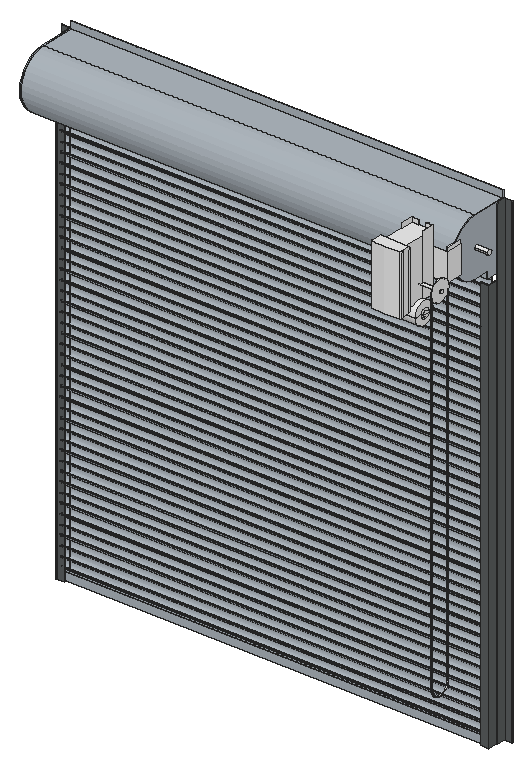
Revit family "Doors_Industrial_Wayne-Dalton_Rolling-Service-Doors-Model-800_", category Specialty Equipment, host Wall, Revit 2019 (continued)
Definition of nested family "800"
  Forms (in)
    Extrusion 2, solid, material <- "Panel Material", visible <- "#4"
      sketch origin (0, -4.82043, 13.73777) x (0, 1, 0) y (0, 0, 1)
        loop
          line (5.41686, -5.67639) -> (5.41686, -5.45777)
          arc (5.41686, -5.45777) -> (5.39015, -5.35234) -> (5.31648, -5.27235) r 0.22143
          line (5.31648, -5.27235) -> (5.07719, -5.15088)
          arc (5.07719, -5.15088) -> (5.04831, -5.10093) -> (5.08227, -5.05428) r 0.0529
          spline (5.08227, -5.05428) -> (5.31122, -4.97629) -> (5.50077, -4.83858) -> (5.65049, -4.65304) -> (5.75994, -4.43155) -> (5.82891, -4.18617) -> (5.86045, -3.93131) -> (5.85989, -3.68312) -> (5.83265, -3.45777) -> (5.78397, -3.27121) -> (5.71011, -3.12752) -> (5.59386, -3.01286) -> (5.41686, -2.91192)
          line (5.41686, -2.91192) -> (5.41686, -2.69777)
          arc (5.41686, -2.69777) -> (5.37035, -2.56199) -> (5.25036, -2.48326) r 0.22143
          line (5.25036, -2.48326) -> (5.07719, -2.39535)
          arc (5.07719, -2.39535) -> (5.04831, -2.3454) -> (5.08227, -2.29876) r 0.0529
          spline (5.08227, -2.29876) -> (5.31122, -2.22076) -> (5.50077, -2.08306) -> (5.65049, -1.89752) -> (5.75994, -1.67603) -> (5.82891, -1.43064) -> (5.86045, -1.17578) -> (5.85989, -0.92759) -> (5.83265, -0.70224) -> (5.78397, -0.51569) -> (5.71011, -0.37199) -> (5.59386, -0.25733) -> (5.41686, -0.15639)
      from -61.8125 to 61.8125
    Extrusion 3, void
      sketch origin (0, 0, 0) x (0, 1, 0) y (0, 0, 1)
        loop
          line (1.815, 1.271) -> (1.815, 0.521) -> (1.875, 0.521) -> (1.875, 1.271) -> (1.815, 1.271)
        loop
          line (1.815, 4.031) -> (1.815, 3.281) -> (1.875, 3.281) -> (1.875, 4.031) -> (1.815, 4.031)
        loop
          line (1.815, 6.791) -> (1.815, 6.041) -> (1.875, 6.041) -> (1.875, 6.791) -> (1.815, 6.791)
        loop
          line (1.815, 9.551) -> (1.815, 8.801) -> (1.875, 8.801) -> (1.875, 9.551) -> (1.815, 9.551)
        loop
          line (1.815, 12.311) -> (1.815, 11.561) -> (1.875, 11.561) -> (1.875, 12.311) -> (1.815, 12.311)
      from -60.8125 to 60.8125
  Cuts and joins
    Extrusion 3 cuts Extrusion 1
  Lines and regions (in)
    reference lines
      curve 1: line (0, -4.98186, 12.78) -> (0, 10.3327, 12.78)
      curve 2: line (0, -2.86663, 14.696) -> (0, 7.97837, 14.696)
      curve 3: line (0, -2.86663, 11.936) -> (0, 7.97837, 11.936)
      curve 4: line (0, -2.86663, 9.176) -> (0, 7.97837, 9.176)
      curve 5: line (0, -2.86663, 6.416) -> (0, 7.97837, 6.416)
      curve 6: line (0, -2.86663, 0.896) -> (0, 7.97837, 0.896)
      curve 7: line (0, -2.86663, 3.656) -> (0, 7.97837, 3.656)
  Dimensions and locks (in)
    equal spacing: plane 4, plane 3 "Center (Left/Right)", plane 5
    "Opening Width": plane 4 to plane 5
    "Slat Width": plane 1 "Center (Front/Back)" to plane 6
    equal spacing: plane 1 "Center (Front/Back)", plane 8, plane 6
    locked: plane 9 to plane 6 at 0.03
    "Cutout Width Offset": plane 4 to plane 10
    "Cutout Width Offset": plane 5 to plane 11
    "Void Height": Extrusion 3 sketch curve to Extrusion 3 sketch curve  (x5)
    locked: Extrusion 3 sketch curve to Extrusion 3 sketch curve at 0.06  (x5)
    "Void Offset": plane 6 to Extrusion 3 sketch curve
    locked: curve 1 to level at 12.78
    "Slat Position": curve 6 to curve 2
    equal spacing: Extrusion 3 sketch curve, curve 3, Extrusion 3 sketch curve
    equal spacing: Extrusion 3 sketch curve, curve 4, Extrusion 3 sketch curve
    equal spacing: Extrusion 3 sketch curve, curve 6, Extrusion 3 sketch curve
    equal spacing: Extrusion 3 sketch curve, curve 5, Extrusion 3 sketch curve
    equal spacing: curve 6, curve 7, curve 5, curve 4, curve 3, curve 2
    equal spacing: Extrusion 3 sketch curve, curve 7, Extrusion 3 sketch curve
    "Cutout Vertical Offset": curve 6 to plane 2
    aligned and locked: plane 2 to level
    aligned and locked: plane 1 "Center (Front/Back)" to plane 7
    aligned and locked: plane 5 to Extrusion 1
    aligned and locked: plane 4 to Extrusion 1
    aligned and locked: plane 5 to Extrusion 2
    aligned and locked: plane 4 to Extrusion 2
    aligned and locked: plane 9 to nested 1
    aligned and locked: plane 3 "Center (Left/Right)" to nested 1
    aligned and locked: Extrusion 3 sketch curve to Extrusion 3 sketch curve  (x4)
    aligned and locked: plane 10 to Extrusion 3
    aligned and locked: plane 11 to Extrusion 3
    aligned and locked: plane 3 "Center (Left/Right)" to nested 2
    aligned and locked: plane 3 "Center (Left/Right)" to nested 3
    aligned and locked: plane 3 "Center (Left/Right)" to nested 4
    aligned and locked: plane 3 "Center (Left/Right)" to nested 5
    aligned and locked: plane 9 to nested 2
    aligned and locked: plane 9 to nested 3
    aligned and locked: plane 9 to nested 4
    aligned and locked: plane 9 to nested 5
    aligned and locked: plane 9 to nested 10
    aligned and locked: plane 9 to nested 9
    aligned and locked: plane 9 to nested 8
    aligned and locked: plane 9 to nested 7
    aligned and locked: plane 9 to nested 6
  Automatic sketch dimensions
    plane 1 "Center (Front/Back)" to curve 1 = 4.98186"
    plane 1 "Center (Front/Back)" to curve 7 = 2.86663"
    curve 1 to curve 2 = 2.11523"
    curve 5 to curve 7 = 0"
    curve 3 to curve 2 = 0"  (x2)
    curve 6 to curve 7 = 0"
    curve 4 to curve 3 = 0"
    curve 2 to plane 6 = 7.10337"
    curve 5 to plane 6 = 7.10337"
    curve 4 to curve 5 = 0"
    curve 6 to curve 5 = 0"
    curve 7 to curve 5 = 0"
    curve 2 to curve 1 = 2.35433"
    Extrusion 1 sketch curve to Extrusion 1 sketch curve = 0"  (x48)
    curve 1 to Extrusion 1 sketch curve = 4.98186"
    curve 1 to Extrusion 1 sketch curve = 0.53603"
    Extrusion 1 sketch curve to Extrusion 1 sketch curve = 0.06"  (x9)
    Extrusion 1 sketch curve to Extrusion 1 sketch curve = 0.07483"  (x4)
    curve 1 to Extrusion 1 sketch curve = 0.87633"
    Extrusion 1 sketch curve to Extrusion 1 sketch curve = 0.01483"
    curve 1 to Extrusion 1 sketch curve = 3.32633"
    Extrusion 1 sketch curve to Extrusion 1 sketch curve = 0.12347"  (x4)
    curve 1 to Extrusion 1 sketch curve = 3.28077"
    curve 1 to Extrusion 1 sketch curve = 0.81676"
    Extrusion 1 sketch curve to Extrusion 1 sketch curve = 0.1133"  (x4)
    Extrusion 1 sketch curve to Extrusion 1 sketch curve = 0.00299"  (x4)
    Extrusion 1 sketch curve to Extrusion 1 sketch curve = 0.025"
    Extrusion 1 sketch curve to Extrusion 1 sketch curve = 0.21392"  (x6)
    Extrusion 1 sketch curve to Extrusion 1 sketch curve = 0.15392"
    Extrusion 1 sketch curve to Extrusion 1 sketch curve = 0.45109"  (x3)
    Extrusion 1 sketch curve to Extrusion 1 sketch curve = 0.45108"
    Extrusion 1 sketch curve to Extrusion 1 sketch curve = 0.59017"  (x2)
    curve 1 to Extrusion 1 sketch curve = 0.94778"
    curve 1 to Extrusion 1 sketch curve = 3.39778"
    Extrusion 1 sketch curve to Extrusion 1 sketch curve = 0.01017"  (x3)
    curve 1 to Extrusion 1 sketch curve = 0.88821"
    curve 1 to Extrusion 1 sketch curve = 3.33821"
    Extrusion 1 sketch curve to Extrusion 1 sketch curve = 2.0074"  (x4)
    Extrusion 1 sketch curve to Extrusion 1 sketch curve = 0.00603"  (x3)
    Extrusion 1 sketch curve to Extrusion 1 sketch curve = 0.21577"  (x4)
    Extrusion 1 sketch curve to Extrusion 1 sketch curve = 0.09209"
    Extrusion 1 sketch curve to Extrusion 1 sketch curve = 0.14265"
    Extrusion 1 sketch curve to Extrusion 1 sketch curve = 0.11326"
    Extrusion 2 sketch curve to Extrusion 2 sketch curve = 0"  (x11)
    curve 1 to Extrusion 2 sketch curve = 5.23818"  (x2)
    curve 1 to Extrusion 2 sketch curve = 1.43759"
    Extrusion 2 sketch curve to Extrusion 2 sketch curve = 0.00044"  (x5)
    curve 1 to Extrusion 2 sketch curve = 1.34099"
    Extrusion 2 sketch curve to Extrusion 2 sketch curve = 0.00551"  (x5)
    Extrusion 2 sketch curve to Extrusion 2 sketch curve = 0.02395"  (x2)
    Extrusion 2 sketch curve to Extrusion 2 sketch curve = 0.01887"  (x3)
    Extrusion 2 sketch curve to Extrusion 2 sketch curve = 0.00651"  (x5)
    Extrusion 2 sketch curve to Extrusion 2 sketch curve = 0.07821"  (x2)
    Extrusion 2 sketch curve to curve 1 = 0.80219"
    Extrusion 2 sketch curve to Extrusion 2 sketch curve = 0.07881"
    Extrusion 2 sketch curve to Extrusion 2 sketch curve = 0.07838"  (x2)
    Extrusion 2 sketch curve to Extrusion 2 sketch curve = 0.03986"  (x3)
    Extrusion 2 sketch curve to Extrusion 2 sketch curve = 0.04003"  (x2)
    Extrusion 2 sketch curve to Extrusion 2 sketch curve = 0.11824"
    Extrusion 2 sketch curve to Extrusion 2 sketch curve = 0.14271"  (x2)
    curve 1 to Extrusion 2 sketch curve = 1.52549"
    Extrusion 2 sketch curve to Extrusion 2 sketch curve = 0.09917"
    Extrusion 2 sketch curve to Extrusion 2 sketch curve = 0.12104"
    Extrusion 2 sketch curve to Extrusion 2 sketch curve = 0.26146"  (x2)
    Extrusion 2 sketch curve to Extrusion 2 sketch curve = 0.22143"  (x2)
    Extrusion 2 sketch curve to Extrusion 2 sketch curve = 0.10038"
    Extrusion 2 sketch curve to Extrusion 2 sketch curve = 0.21415"  (x2)
    Extrusion 2 sketch curve to Extrusion 2 sketch curve = 0.21778"  (x2)
    Extrusion 2 sketch curve to Extrusion 2 sketch curve = 2.07943"  (x2)
    Extrusion 2 sketch curve to Extrusion 2 sketch curve = 0.05931"  (x5)
    Extrusion 2 sketch curve to Extrusion 2 sketch curve = 0.04942"  (x4)
    Extrusion 2 sketch curve to Extrusion 2 sketch curve = 0.01817"  (x5)
    Extrusion 2 sketch curve to Extrusion 2 sketch curve = 0.21781"  (x2)
    Extrusion 2 sketch curve to Extrusion 2 sketch curve = 0.21863"  (x3)
    Extrusion 2 sketch curve to Extrusion 2 sketch curve = 2.08387"  (x2)
    Extrusion 2 sketch curve to Extrusion 2 sketch curve = 0.13791"
    Extrusion 2 sketch curve to Extrusion 2 sketch curve = 0.21451"
  Nested families (in)
    nested 1: "Perforation" at (0, 0.845, 0.896), visible <- "Fenestration", Perforation <- "Cutout Material", type "Perforation"
    nested 2: "Perforation" at (0, 0.845, 3.656), visible <- "Fenestration", Perforation <- "Cutout Material", type "Perforation"
    nested 3: "Perforation" at (0, 0.845, 6.416), visible <- "Fenestration", Perforation <- "Cutout Material", type "Perforation"
    nested 4: "Perforation" at (0, 0.845, 9.176), visible <- "Fenestration", Perforation <- "Cutout Material", type "Perforation"
    nested 5: "Perforation" at (0, 0.845, 11.936), visible <- "Fenestration", Perforation <- "Cutout Material", type "Perforation"
    nested 6: "Perforation" at (0, 0.845, 11.936), visible <- "Perforation", Perforation <- "Cutout Material Perforation", type "Perforation"
      with Perforation none
    nested 7: "Perforation" at (0, 0.845, 9.176), visible <- "Perforation", Perforation <- "Cutout Material Perforation", type "Perforation"
      with Perforation none
    nested 8: "Perforation" at (0, 0.845, 6.416), visible <- "Perforation", Perforation <- "Cutout Material Perforation", type "Perforation"
      with Perforation none
    nested 9: "Perforation" at (0, 0.845, 3.656), visible <- "Perforation", Perforation <- "Cutout Material Perforation", type "Perforation"
      with Perforation none
    nested 10: "Perforation" at (0, 0.845, 0.896), visible <- "Perforation", Perforation <- "Cutout Material Perforation", type "Perforation"
      with Perforation none
  Definition of nested family "Perforation"
    Parameters (values of type "Perforation")
      Thickness = 0.06"
      Perforation [instance] = none
      Opening Width = 123 5/8"
      Offset = 1"
      Height = 3/4"
      Default Elevation = 48"
    Reference planes (in)
      plane 1 "Center (Front/Back)": y = 0
      plane 2: z = 0
      plane 3 "Center (Left/Right)": x = 0
      plane 4: z = 0.375
      plane 5: z = -0.375
      plane 6: y = -0.03
      plane 7: y = 0.03
      plane 8: x = -61.8125
      plane 9: x = 61.8125
      plane 10: x = -60.8125
      plane 11: x = 60.8125
    Forms (in)
      Extrusion 1, solid, material <- "Perforation"
        sketch origin (0, -0.19, 0) x (0, 1, 0) y (0, 0, 1)
          loop
            line (0.16, 0.375) -> (0.16, -0.375) -> (0.22, -0.375) -> (0.22, 0.375) -> (0.16, 0.375)
        from -60.8125 to 60.8125
    Dimensions and locks (in)
      equal spacing: plane 4, level, plane 5
      "Height": plane 4 to plane 5
      equal spacing: plane 6, plane 1 "Center (Front/Back)", plane 7
      "Thickness": plane 6 to plane 7
      "Opening Width": plane 8 to plane 9
      "Offset": plane 8 to plane 10
      "Offset": plane 9 to plane 11
      equal spacing: plane 8, plane 3 "Center (Left/Right)", plane 9
      aligned and locked: plane 2 to level
      aligned and locked: plane 4 to Extrusion 1
      aligned and locked: Extrusion 1 to plane 5
      aligned and locked: plane 6 to Extrusion 1
      aligned and locked: plane 7 to Extrusion 1
      aligned and locked: Extrusion 1 to plane 10
      aligned and locked: plane 11 to Extrusion 1
    Automatic sketch dimensions
      Extrusion 1 sketch curve to level = 3/8"
      plane 1 "Center (Front/Back)" to Extrusion 1 sketch curve = 0.03"
      Extrusion 1 sketch curve to plane 1 "Center (Front/Back)" = 0.03"
      plane 4 to Extrusion 1 sketch curve = 0"
Definition of nested family "Lifts"
  Parameters (values of type "Frame Unit")
    True Width = if(Between Jambs, Opening Width, Opening Width + 1/2")  # 120 1/2"
    Slat Option = 1
    Side Clearance R = 8"
    Side Clearance L = 6"
    Round Hood [instance] = 1 = 1  # yes
    Rough Width = 0"
    Rough Height = 0"
    No Hood [instance] = no
    M Value = 3 1/4"
    Hood Offset = 2"
    Hood Height = Headroom Height Real - Hood Offset  # 22"
    Headroom Height Real = Headroom Height  # 24"
    Half Hood Height = Headroom Height - Hood Offset  # 22"
    Guide Z Wide R = if(Between Jambs, (Guide Offset R - G Value) / 3 * 2, G Value - 1/4")  # 2 1/2"
    Guide Z Wide L = if(Between Jambs, (Guide Offset L - G Value) / 3 * 2, G Value - 1/4")  # 2 1/2"
    Guide Offset R = BJ Displacement R + G Value  # 2 3/4"
    Guide Offset L = BJ Displacement L + G Value  # 2 3/4"
    G Value = 2 3/4"
    E Guide Width R = if(Between Jambs, (Guide Offset R - G Value) / 3 * 2, 3")  # 3"
    E Guide Width L = if(Between Jambs, (Guide Offset L - G Value) / 3 * 2, 3")  # 3"
    E Guide Height = 3"  # constant formula
    Z Guide = 1 = 1  # yes
    Slat Material = none
    Shaft Offset = (Hood Height - 2") / 2  # 10"
    Shaft Material = none
    Shaft Length 2 = G Value + 4"  # 6 3/4"
    Shaft Length 1 = G Value + 4"  # 6 3/4"
    Setback = if(Between Jambs, 0", 1/4")  # 1/4"
    Radius Hood = Shaft Offset  # 10"
    Opening Width = 120"
    Hood Material = none
    Headroom Height = 24"
    Header Width = 22"
    Opening Height = 120"
    Guide Type = if(Between Jambs, "Angled Between Jambs Z Guide", if(Guide Option > 1, "Angled Z Guide", "Angled E Guide"))  # "Angled Z Guide"
    Guide Option = if(Between Jambs, 1, 2)  # 2
    Guide Z Height = 2 3/4"  # constant formula
    Floor To (CL) of Shaft = 134"
    Finish Material = none
    Face to Wall Mount = not(Between Jambs)  # yes
    E Guide = if(Between Jambs, 1 = 1, 1 = 2)  # no
    D Value = 5 1/2"
    Between Jambs = no
    BJ Position = if(Between Jambs, 1/4", 0")  # 0"
    BJ Displacement R = if(Face to Wall Mount, 0", Side Clearance R - G Value)  # 0"
    BJ Displacement L = if(Face to Wall Mount, 0", Side Clearance L - G Value)  # 0"
    Angled Guide = 1 = 1  # yes
  Reference planes (in)
    plane 1 "Center (Front/Back)": y = 0
    plane 2: z = 0
    plane 3 "Center (Left/Right)": x = 0
    plane 4 "Opening Height": z = 120
    plane 5: x = -66.75
    plane 6: x = 66.75
    plane 7: z = 144
    plane 8: y = 22
    plane 9 "Real Opening 2": x = -60
    plane 10 "Real Opening 1": x = 60
    plane 11: z = 122
    plane 12 "Main": y = 0
    plane 13: z = 134
    plane 14: y = 12
    plane 15: x = 62.75
    plane 16: x = -62.75
    plane 17: x = -62.75
    plane 18: x = 62.75
    plane 19: y = 5.5
    plane 20: x = -62.5
    plane 21: x = 62.5
    plane 22: z = 146
    plane 23: y = 5.5
    plane 24: y = 4.375
    plane 25: y = 5.5
    plane 26: y = 4.375
  Forms (in)
    Extrusion 1, solid, material <- "Slat Material"
      sketch origin (0, 0, 0) x (0, 1, 0) y (0, 0, 1)
        loop
          line (4.75, 2.375) -> (4.75, 2.75) -> (4, 2.75) -> (4, 2.375) -> (4.75, 2.375)
      from -62.5 to 62.5
    Extrusion 2, solid, material <- "Slat Material"
      sketch origin (0, 0, 0) x (0, 1, 0) y (0, 0, 1)
        loop
          line (4.75, 2.375) -> (4, 2.375) -> (4, 0) -> (4.75, 0) -> (4.75, 2.375)
      from -62.5 to 62.5
    Extrusion 3, solid, material <- "Shaft Material"
      sketch origin (0, -5.35201, 0) x (0, 1, 0) y (0, 0, 1)
        loop
          circle (17.35201, 134) r 0.6
      from -66.75 to 66.75
    Extrusion 4, solid, material <- "Hood Material"
      sketch origin (0, 0, 0) x (0, 1, 0) y (0, 0, 1)
        loop
          line (0, 144) -> (0, 122) -> (6, 122) -> (6, 124) -> (12, 124)
          arc (12, 124) -> (22, 134) -> (12, 144) r 10
          line (12, 144) -> (0, 144)
      from -62.75 to 62.75
    Extrusion 5, solid, material <- "Finish Material", visible <- "E Guide"
      sketch origin (0, 0, 0) x (1, 0, 0) y (0, 1, 0)
        loop
          line (59.75, 0) -> (62.75, 0) -> (62.75, 3) -> (62.6875, 3)
          arc (62.6875, 3) -> (62.55492, 2.94508) -> (62.5, 2.8125) r 0.1875
          line (62.5, 2.8125) -> (62.5, 0.25) -> (59.9375, 0.25)
          arc (59.9375, 0.25) -> (59.80492, 0.19508) -> (59.75, 0.0625) r 0.1875
          line (59.75, 0.0625) -> (59.75, 0)
        loop
          line (-59.75, 0) -> (-59.75, 0.0625)
          arc (-59.75, 0.0625) -> (-59.80492, 0.19508) -> (-59.9375, 0.25) r 0.1875
          line (-59.9375, 0.25) -> (-62.5, 0.25) -> (-62.5, 2.8125)
          arc (-62.5, 2.8125) -> (-62.55492, 2.94508) -> (-62.6875, 3) r 0.1875
          line (-62.6875, 3) -> (-62.75, 3) -> (-62.75, 0) -> (-59.75, 0)
      from 0 to 144
    Extrusion 6, solid, material <- "Finish Material", visible <- "Z Guide"
      sketch origin (0, 0, 0) x (1, 0, 0) y (0, 1, 0)
        loop
          line (65.25, 0) -> (65.25, 0.062)
          arc (65.25, 0.062) -> (65.19494, 0.19494) -> (65.062, 0.25) r 0.188
          line (65.062, 0.25) -> (63, 0.25) -> (63, 2.562)
          arc (63, 2.562) -> (62.94494, 2.69494) -> (62.812, 2.75) r 0.188
          line (62.812, 2.75) -> (62.75, 2.75) -> (62.75, 0) -> (65.25, 0)
        loop
          line (-65.25, 0) -> (-62.75, 0) -> (-62.75, 2.75) -> (-62.812, 2.75)
          arc (-62.812, 2.75) -> (-62.94494, 2.69494) -> (-63, 2.562) r 0.188
          line (-63, 2.562) -> (-63, 0.25) -> (-65.062, 0.25)
          arc (-65.062, 0.25) -> (-65.19494, 0.19494) -> (-65.25, 0.062) r 0.188
          line (-65.25, 0.062) -> (-65.25, 0)
      from 0 to 144
    Extrusion 7, solid, material <- "Finish Material", visible <- "Angled Guide"
      sketch origin (0, 0, 0) x (1, 0, 0) y (0, 1, 0)
        loop
          line (60.25, 5.5) -> (60.25, 5.437)
          arc (60.25, 5.437) -> (60.30477, 5.30477) -> (60.437, 5.25) r 0.187
          line (60.437, 5.25) -> (62.5, 5.25) -> (62.5, 3.5) -> (60.25, 3.5) -> (60.25, 3.437)
          arc (60.25, 3.437) -> (60.30477, 3.30477) -> (60.437, 3.25) r 0.187
          line (60.437, 3.25) -> (62.25, 3.25) -> (62.25, 1.25) -> (62.75, 1.25) -> (62.75, 5.5) -> (60.25, 5.5)
        loop
          line (-60.25, 5.5) -> (-62.75, 5.5) -> (-62.75, 1.25) -> (-62.25, 1.25) -> (-62.25, 3.25) -> (-60.437, 3.25)
          arc (-60.437, 3.25) -> (-60.30477, 3.30477) -> (-60.25, 3.437) r 0.187
          line (-60.25, 3.437) -> (-60.25, 3.5) -> (-62.5, 3.5) -> (-62.5, 5.25) -> (-60.437, 5.25)
          arc (-60.437, 5.25) -> (-60.30477, 5.30477) -> (-60.25, 5.437) r 0.187
          line (-60.25, 5.437) -> (-60.25, 5.5)
      from 0 to 120
    Extrusion 8, solid, material <- "Hood Material"
      sketch origin (0, 35, 0) x (0, 1, 0) y (0, 0, 1)
        loop
          line (-35, 144) -> (-35, 122) -> (-29, 122) -> (-29, 124) -> (-23, 124)
          arc (-23, 124) -> (-13, 134) -> (-23, 144) r 10
          line (-23, 144) -> (-35, 144)
      from -62.5 to 62.5
    Extrusion 9, void
      sketch origin (0, 0, 0) x (0, 1, 0) y (0, 0, 1)
        loop
          line (0, 144) -> (0, 122) -> (22, 122) -> (22, 144) -> (0, 144)
      from -62.5 to 62.5
  Cuts and joins
    Extrusion 9 cuts Extrusion 4
  Lines and regions (in)
    Masking region 1
      outline origin (0, 0, 0) x (1, 0, 0) y (0, 1, 0)
        loop
          line (66.75, 12.6) -> (62.75, 12.6) -> (62.75, 11.4) -> (66.75, 11.4) -> (66.75, 12.6)
        loop
          line (-66.75, 11.4) -> (-62.75, 11.4) -> (-62.75, 12.6) -> (-66.75, 12.6) -> (-66.75, 11.4)
    Masking region 2
      outline origin (0, 0, 0) x (1, 0, 0) y (0, 1, 0)
        loop
          line (-62.75, 22) -> (-62.75, 0) -> (62.75, 0) -> (62.75, 22) -> (-62.75, 22)
    Masking region 3, visible <- "E Guide"
      outline origin (0, 0, 0) x (1, 0, 0) y (0, 1, 0)
        loop
          line (-62.75, 3) -> (-62.75, 0) -> (-59.75, 0) -> (-59.75, 0.0625)
          arc (-59.75, 0.0625) -> (-59.80492, 0.19508) -> (-59.9375, 0.25) r 0.1875
          line (-59.9375, 0.25) -> (-62.5, 0.25) -> (-62.5, 2.8125)
          arc (-62.5, 2.8125) -> (-62.55492, 2.94508) -> (-62.6875, 3) r 0.1875
          line (-62.6875, 3) -> (-62.75, 3)
        loop
          line (62.75, 0) -> (62.75, 3) -> (62.6875, 3)
          arc (62.6875, 3) -> (62.55492, 2.94508) -> (62.5, 2.8125) r 0.1875
          line (62.5, 2.8125) -> (62.5, 0.25) -> (59.9375, 0.25)
          arc (59.9375, 0.25) -> (59.80492, 0.19508) -> (59.75, 0.0625) r 0.1875
          line (59.75, 0.0625) -> (59.75, 0) -> (62.75, 0)
    Masking region 4
      outline origin (0, 0, 0) x (1, 0, 0) y (0, 1, 0)
        loop
          line (-63, 0.25) -> (-65.062, 0.25)
          arc (-65.062, 0.25) -> (-65.19494, 0.19494) -> (-65.25, 0.062) r 0.188
          line (-65.25, 0.062) -> (-65.25, 0) -> (-62.75, 0) -> (-62.75, 2.75) -> (-62.812, 2.75)
          arc (-62.812, 2.75) -> (-62.94494, 2.69494) -> (-63, 2.562) r 0.188
          line (-63, 2.562) -> (-63, 0.25)
        loop
          line (62.75, 2.75) -> (62.75, 0) -> (65.25, 0) -> (65.25, 0.062)
          arc (65.25, 0.062) -> (65.19494, 0.19494) -> (65.062, 0.25) r 0.188
          line (65.062, 0.25) -> (63, 0.25) -> (63, 2.562)
          arc (63, 2.562) -> (62.94494, 2.69494) -> (62.812, 2.75) r 0.188
          line (62.812, 2.75) -> (62.75, 2.75)
    symbolic lines
      curve 1: line (-62.5, 0, 0) -> (-62.5, 22, 0)
      curve 2: line (62.5, 22, 0) -> (62.5, 0, 0)
  Dimensions and locks (in)
    Extrusion 1 sketch curve to level = 2 3/8"
    Extrusion 1 sketch curve to Extrusion 1 sketch curve = 3/4"
    locked: Extrusion 2 sketch curve to level at 2.375
    "Headroom Height Real": plane 7 to plane 4 "Opening Height"
    plane 8 to plane 1 "Center (Front/Back)" = 22"
    "Opening Height": plane 4 "Opening Height" to level
    "Hood Offset": plane 11 to plane 4 "Opening Height"
    "BJ Position": plane 12 "Main" to plane 1 "Center (Front/Back)"
    "Header Width": plane 12 "Main" to plane 8
    "Floor To (CL) of Shaft": plane 13 to level
    "Shaft Offset": Extrusion 3 sketch curve to plane 8
    locked: Extrusion 2 sketch curve to Extrusion 2 sketch curve at 0.75
    "Shaft Offset": plane 8 to plane 14
    locked: Masking region 1 sketch curve to Masking region 1 sketch curve at 1.2
    locked: Masking region 1 sketch curve to plane 14 at 0.6
    "Guide Offset L": plane 10 "Real Opening 1" to plane 15
    "Guide Offset R": plane 16 to plane 9 "Real Opening 2"
    locked: Extrusion 5 sketch curve to Extrusion 5 sketch curve at 0.25  (x4)
    "E Guide Height": Extrusion 5 sketch curve to Extrusion 5 sketch curve  (x2)
    "E Guide Width L": Extrusion 5 sketch curve to Extrusion 5 sketch curve
    "E Guide Width R": Extrusion 5 sketch curve to Extrusion 5 sketch curve
    locked: Extrusion 6 sketch curve to Extrusion 6 sketch curve at 0.25  (x4)
    "Guide Z Wide L": Extrusion 6 sketch curve to Extrusion 6 sketch curve
    "Guide Z Height": Extrusion 6 sketch curve to Extrusion 6 sketch curve  (x2)
    "Guide Z Wide R": Extrusion 6 sketch curve to Extrusion 6 sketch curve
    locked: Extrusion 7 sketch curve to Extrusion 7 sketch curve at 0.25  (x6)
    locked: Extrusion 7 sketch curve to Extrusion 7 sketch curve at 2.25  (x2)
    locked: Extrusion 7 sketch curve to Extrusion 7 sketch curve at 4.25  (x2)
    "Setback": plane 10 "Real Opening 1" to Extrusion 7 sketch curve
    "Setback": Extrusion 7 sketch curve to plane 9 "Real Opening 2"
    "G Value": Extrusion 6 sketch curve to plane 9 "Real Opening 2"
    "G Value": plane 10 "Real Opening 1" to Extrusion 6 sketch curve
    "G Value": plane 10 "Real Opening 1" to plane 18
    "G Value": plane 17 to plane 9 "Real Opening 2"
    "Shaft Length 1": plane 5 to plane 9 "Real Opening 2"
    "Shaft Length 2": plane 6 to plane 10 "Real Opening 1"
    locked: Extrusion 2 to plane 18 at 0.25
    locked: Extrusion 2 to plane 17 at 0.25
    locked: plane 17 to plane 20 at 0.25
    locked: plane 21 to plane 18 at 0.25
    equal spacing: plane 9 "Real Opening 2", plane 3 "Center (Left/Right)", plane 10 "Real Opening 1"
    "Opening Width": plane 9 "Real Opening 2" to plane 10 "Real Opening 1"
    locked: plane 22 to plane 7 at 2
    "D Value": plane 1 "Center (Front/Back)" to plane 19
    "D Value": plane 23 to plane 1 "Center (Front/Back)"
    locked: plane 23 to plane 24 at 1.125
    equal spacing: Extrusion 1 sketch curve, plane 24, Extrusion 1 sketch curve
    "D Value": plane 25 to plane 1 "Center (Front/Back)"
    locked: plane 25 to plane 26 at 1.125
    equal spacing: Extrusion 2 sketch curve, plane 26, Extrusion 2 sketch curve
    "G Value": plane 10 "Real Opening 1" to Extrusion 7 sketch curve
    "G Value": Extrusion 7 sketch curve to plane 9 "Real Opening 2"
    locked: Extrusion 4 sketch curve to Extrusion 4 sketch curve at 6
    "Shaft Offset": Extrusion 4 sketch curve to plane 8
    locked: Extrusion 4 sketch curve to plane 11 at 2
    Extrusion 6 to plane 8 = 22"
    locked: Extrusion 8 sketch curve to Extrusion 8 sketch curve at 6
    "Shaft Offset": Extrusion 8 sketch curve to plane 8
    locked: Extrusion 8 sketch curve to plane 11 at 2
    radius of Extrusion 5 sketch curve = 3/16"  (x4)
    radius of Extrusion 6 sketch curve = 0.188"  (x4)
    locked: Extrusion 7 sketch curve to Extrusion 7 sketch curve (radius 0.187")  (x4)
    aligned and locked: plane 2 to level
    aligned and locked: plane 5 to Extrusion 3
    aligned and locked: Extrusion 3 to plane 6
    aligned and locked: Extrusion 4 sketch curve to plane 7
    aligned and locked: plane 13 to Extrusion 3 sketch curve
    aligned and locked: plane 5 to Masking region 1 sketch curve
    aligned and locked: plane 6 to Masking region 1 sketch curve
    aligned and locked: Masking region 1 sketch curve to Masking region 1 sketch curve  (x2)
    aligned and locked: plane 12 "Main" to Extrusion 5 sketch curve  (x2)
    aligned and locked: Extrusion 5 sketch curve to plane 15
    aligned and locked: plane 16 to Extrusion 5 sketch curve
    aligned and locked: Extrusion 6 sketch curve to plane 1 "Center (Front/Back)"  (x2)
    aligned and locked: plane 19 to Extrusion 7 sketch curve
    aligned and locked: Extrusion 7 sketch curve to Extrusion 7 sketch curve  (x2)
    aligned and locked: Extrusion 7 sketch curve to plane 19
    aligned and locked: plane 4 "Opening Height" to Extrusion 7
    aligned and locked: Extrusion 4 sketch curve to plane 12 "Main"
    aligned and locked: Masking region 2 to curve 2  (x2)
    aligned and locked: Masking region 2 to curve 1  (x2)
    aligned and locked: Masking region 3 sketch curve to Extrusion 5  (x10)
    aligned and locked: Extrusion 2 to Extrusion 1
    aligned and locked: Extrusion 1 to Extrusion 2
    aligned and locked: Masking region 2 to plane 17
    aligned and locked: Masking region 2 to plane 18
    aligned and locked: plane 18 to Masking region 1 sketch curve
    aligned and locked: Masking region 1 sketch curve to plane 17
    aligned and locked: plane 7 to Extrusion 5
    aligned and locked: Extrusion 4 sketch curve to plane 11
    aligned and locked: Extrusion 4 to plane 17
    aligned and locked: Extrusion 4 to plane 18
    aligned and locked: Extrusion 8 sketch curve to plane 7
    aligned and locked: Extrusion 8 sketch curve to plane 12 "Main"
    aligned and locked: Extrusion 8 sketch curve to plane 11
    aligned and locked: Extrusion 8 to plane 20
    aligned and locked: Extrusion 8 to plane 21
    aligned and locked: Extrusion 9 sketch curve to plane 12 "Main"
    aligned and locked: Extrusion 9 sketch curve to plane 11
    aligned and locked: Extrusion 9 sketch curve to plane 8
    aligned and locked: Extrusion 9 sketch curve to plane 7
    aligned and locked: Extrusion 9 to plane 20
    aligned and locked: Extrusion 9 to plane 21
    aligned and locked: Masking region 4 sketch curve to Extrusion 6  (x12)
    aligned and locked: plane 7 to Extrusion 6
  Automatic sketch dimensions
    curve 1 to plane 20 = 0"
    curve 2 to plane 21 = 0"
    Masking region 2 sketch curve to plane 1 "Center (Front/Back)" = 0"
    Masking region 2 sketch curve to plane 17 = 0"
    Masking region 2 sketch curve to plane 18 = 0"
    Masking region 2 sketch curve to plane 8 = 0"
    Extrusion 1 sketch curve to Extrusion 1 sketch curve = 3/8"
    Extrusion 2 sketch curve to level = 0"
    Extrusion 7 sketch curve to plane 20 = 1/4"
    plane 21 to Extrusion 7 sketch curve = 1/4"
    radius of Extrusion 3 sketch curve = 0.6"
Definition of nested family "Label Annotation 1"
  Parameters (values of type "Label Annotation 1-8")
    Label = "Area is too big. Please reduce Door Size."
  Reference planes (in)
    plane 1: y = 0
    plane 2: x = 0
  Text (in)
    label "Label" at (0.00375, -0.00345, 0), shows "Label"
Definition of nested family "Warning Sign"
  Parameters (values of type "Warning Sign")
    Warning Sign [instance] = no
    Default Elevation = 48"
  Reference planes (in)
    plane 1 "Center (Front/Back)": y = 0
    plane 2: z = 0
    plane 3 "Center (Left/Right)": x = 0
    plane 4: y = 0.5
    plane 5: y = -0.5
    plane 6: y = 1
    plane 7: y = 0.25
  Lines and regions (in)
    model lines
      curve 1: line (-2.26129, 1, 45.69444) -> (-26.3817, 1, 3.91667)
      curve 2: line (-25.25106, 1, 3.26389) -> (-1.13064, 1, 45.04167)
      curve 3: arc (2.26129, 1, 45.69444) -> (0, 1, 47) -> (-2.26129, 1, 45.69444) r 2.61111
      curve 4: arc (-1.13064, 1, 45.04167) -> (0, 1, 45.69444) -> (1.13064, 1, 45.04167) r 1.30556
      curve 5: line (1.13064, 1, 45.04167) -> (25.25106, 1, 3.26389)
      curve 6: line (26.3817, 1, 3.91667) -> (2.26129, 1, 45.69444)
      curve 7: arc (25.25106, 1, 3.26389) -> (25.25106, 1, 1.95833) -> (24.12041, 1, 1.30556) r 1.30556
      curve 8: arc (24.12041, 1, 0) -> (26.3817, 1, 1.30556) -> (26.3817, 1, 3.91667) r 2.61111
      curve 9: line (24.12041, 1, 1.30556) -> (-24.12041, 1, 1.30556)
      curve 10: line (-24.12041, 1, 0) -> (24.12041, 1, 0)
      curve 11: arc (-24.12041, 1, 1.30556) -> (-25.25106, 1, 1.95833) -> (-25.25106, 1, 3.26389) r 1.30556
      curve 12: arc (-26.3817, 1, 3.91667) -> (-26.3817, 1, 1.30556) -> (-24.12041, 1, 0) r 2.61111
      curve 13: arc (-2.29479, 1, 8.63537) -> (0, 1, 6.34057) -> (2.29479, 1, 8.63537) r 2.29479
      curve 14: arc (2.29479, 1, 8.63537) -> (0, 1, 10.93016) -> (-2.29479, 1, 8.63537) r 2.29479
      curve 15: arc (-1.6331, 1, 13.97069) -> (0.03439, 1, 12.53727) -> (1.69278, 1, 13.98121) r 1.68043
      curve 16: line (-3.77413, 1, 28.37873) -> (-1.6331, 1, 13.97069)
      curve 17: line (1.69278, 1, 13.98121) -> (3.73924, 1, 28.37873)
      curve 18: arc (3.73924, 1, 28.37873) -> (-0.01745, 1, 32.13541) -> (-3.77413, 1, 28.37873) r 3.75668
      curve 19: line (-2.26129, -0.5, 45.69444) -> (-26.3817, -0.5, 3.91667)
      curve 20: line (-25.25106, -0.5, 3.26389) -> (-1.13064, -0.5, 45.04167)
      curve 21: arc (2.26129, -0.5, 45.69444) -> (0, -0.5, 47) -> (-2.26129, -0.5, 45.69444) r 2.61111
      curve 22: arc (-1.13064, -0.5, 45.04167) -> (0, -0.5, 45.69444) -> (1.13064, -0.5, 45.04167) r 1.30556
      curve 23: line (1.13064, -0.5, 45.04167) -> (25.25106, -0.5, 3.26389)
      curve 24: line (26.3817, -0.5, 3.91667) -> (2.26129, -0.5, 45.69444)
      curve 25: arc (25.25106, -0.5, 3.26389) -> (25.25106, -0.5, 1.95833) -> (24.12041, -0.5, 1.30556) r 1.30556
      curve 26: arc (24.12041, -0.5, 0) -> (26.3817, -0.5, 1.30556) -> (26.3817, -0.5, 3.91667) r 2.61111
      curve 27: line (24.12041, -0.5, 1.30556) -> (-24.12041, -0.5, 1.30556)
      curve 28: line (-24.12041, -0.5, 0) -> (24.12041, -0.5, 0)
      curve 29: arc (-24.12041, -0.5, 1.30556) -> (-25.25106, -0.5, 1.95833) -> (-25.25106, -0.5, 3.26389) r 1.30556
      curve 30: arc (-26.3817, -0.5, 3.91667) -> (-26.3817, -0.5, 1.30556) -> (-24.12041, -0.5, 0) r 2.61111
      curve 31: arc (-2.29479, -0.5, 8.63537) -> (0, -0.5, 6.34057) -> (2.29479, -0.5, 8.63537) r 2.29479
      curve 32: arc (2.29479, -0.5, 8.63537) -> (0, -0.5, 10.93016) -> (-2.29479, -0.5, 8.63537) r 2.29479
      curve 33: arc (-1.6331, -0.5, 13.97069) -> (0.03439, -0.5, 12.53727) -> (1.69278, -0.5, 13.98121) r 1.68043
      curve 34: line (-3.77413, -0.5, 28.37873) -> (-1.6331, -0.5, 13.97069)
      curve 35: line (1.69278, -0.5, 13.98121) -> (3.73924, -0.5, 28.37873)
      curve 36: arc (3.73924, -0.5, 28.37873) -> (-0.01745, -0.5, 32.13541) -> (-3.77413, -0.5, 28.37873) r 3.75668
  Dimensions and locks (in)
    locked: plane 1 "Center (Front/Back)" to plane 4 at 0.5
    equal spacing: plane 1 "Center (Front/Back)", plane 7, plane 4
    locked: plane 4 to plane 6 at 0.5
    locked: plane 5 to plane 1 "Center (Front/Back)" at 0.5
    aligned and locked: plane 2 to level
  Automatic sketch dimensions
    curve 21 to curve 22 = 0"  (x2)
    curve 25 to curve 26 = 0"  (x2)
    curve 29 to curve 30 = 0"  (x2)
    curve 31 to curve 32 = 0"  (x2)
    curve 21 to plane 3 "Center (Left/Right)" = 0"
    curve 31 to plane 3 "Center (Left/Right)" = 0"
    curve 30 to level = 0"
    level to curve 27 = 1.30556"
    curve 26 to curve 27 = 1.30556"
    curve 29 to curve 27 = 1.30556"
    curve 23 to curve 25 = 0.65278"
    curve 20 to curve 29 = 0.65278"
    curve 24 to curve 23 = 0.65278"
    curve 19 to curve 20 = 0.65278"
    level to curve 32 = 8.63537"
    curve 34 to plane 3 "Center (Left/Right)" = 1.6331"
    curve 34 to curve 31 = 5.33532"
    plane 3 "Center (Left/Right)" to curve 35 = 1.69278"
    curve 35 to curve 34 = 0.01052"
    plane 3 "Center (Left/Right)" to curve 33 = 0.02908"
    curve 36 to plane 3 "Center (Left/Right)" = 0.01745"
    curve 36 to curve 33 = 14.16104"
    curve 22 to curve 36 = 16.01016"
    plane 3 "Center (Left/Right)" to curve 23 = 1.13064"
    curve 23 to curve 21 = 0.65278"
    curve 20 to plane 3 "Center (Left/Right)" = 1.13064"
    plane 3 "Center (Left/Right)" to curve 24 = 2.26129"
    curve 24 to curve 22 = 0.65278"
    curve 19 to plane 3 "Center (Left/Right)" = 2.26129"
    curve 34 to curve 36 = 3.75668"
    curve 30 to plane 3 "Center (Left/Right)" = 24.12041"
    plane 3 "Center (Left/Right)" to curve 25 = 24.12041"
    curve 31 to curve 31 = 2.29479"
    curve 3 to curve 4 = 0"  (x2)
    curve 7 to curve 8 = 0"  (x2)
    curve 11 to curve 12 = 0"  (x2)
    curve 13 to curve 14 = 0"  (x2)
    curve 3 to plane 3 "Center (Left/Right)" = 0"
    curve 13 to plane 3 "Center (Left/Right)" = 0"
    curve 12 to level = 0"
    level to curve 9 = 1.30556"
    curve 8 to curve 9 = 1.30556"
    curve 11 to curve 9 = 1.30556"
    curve 5 to curve 7 = 0.65278"
    curve 2 to curve 11 = 0.65278"
    curve 6 to curve 5 = 0.65278"
    curve 1 to curve 2 = 0.65278"
    level to curve 14 = 8.63537"
    curve 16 to plane 3 "Center (Left/Right)" = 1.6331"
    curve 16 to curve 13 = 5.33532"
    plane 3 "Center (Left/Right)" to curve 17 = 1.69278"
    curve 17 to curve 16 = 0.01052"
    plane 3 "Center (Left/Right)" to curve 15 = 0.02908"
    curve 18 to plane 3 "Center (Left/Right)" = 0.01745"
    curve 18 to curve 15 = 14.16104"
    curve 4 to curve 18 = 16.01016"
    plane 3 "Center (Left/Right)" to curve 5 = 1.13064"
    curve 5 to curve 3 = 0.65278"
    curve 2 to plane 3 "Center (Left/Right)" = 1.13064"
    plane 3 "Center (Left/Right)" to curve 6 = 2.26129"
    curve 6 to curve 4 = 0.65278"
    curve 1 to plane 3 "Center (Left/Right)" = 2.26129"
    curve 16 to curve 18 = 3.75668"
    curve 12 to plane 3 "Center (Left/Right)" = 24.12041"
    plane 3 "Center (Left/Right)" to curve 7 = 24.12041"
    curve 13 to curve 13 = 2.29479"
Types (6): name | Voltage | Operator Visibility | Number of Poles | Chain Hoist or Manual | Connector Array | Apparent Load Phase 3 | Apparent Load Phase 2 | Apparent Load Phase 1
  115 volts, one phase, 60 Hz (110-120V range) | 115 V | yes | 1 | no | 3 | 0 VA | 0 VA | 2300 VA
  Chain Hoist | 115 V | yes | 1 | yes | 2 | 0 VA | 0 VA | 2300 VA
  Manual push-up | 115 V | no | 1 | yes | 2 | 0 VA | 0 VA | 2300 VA
  230 volts, three phase, 60 Hz (208-245V range) | 230 V | yes | 3 | no | 3 | 2655.81 VA | 2655.81 VA | 2655.81 VA
  230 volts, single phase, 60 Hz (208-245V range) | 230 V | yes | 1 | no | 3 | 0 VA | 0 VA | 4600 VA
  460 volts, three phase, 60 Hz (456-495V range) | 460 V | yes | 3 | no | 3 | 5311.62 VA | 5311.62 VA | 5311.62 VA
